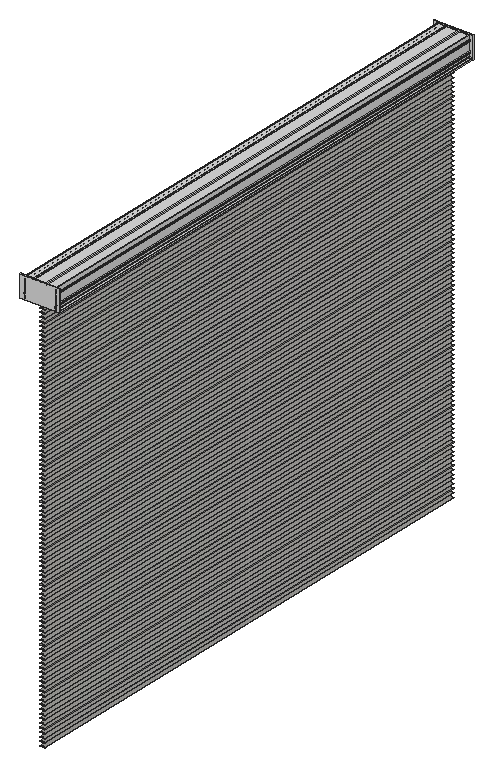
Revit family "BTBV151カーテン・ブラインド（別途）", category 一般モデル, Revit 2022
Family settings
  鉄筋をホスト可能 = いいえ
  丸型コネクタ寸法 = 直径を使用
  パーツ タイプ = 標準
  作業面ベース = はい
  常に垂直 = はい
  ロード時にボイドで切り取り = いいえ
  注釈の向きを維持 = いいえ
  共有 = いいえ
  部屋計算ポイント = いいえ
Parameters
  説明 = "㈱ツヅキ ボックストップ"
  製造元 = "㈱ツヅキ"
  色 = アルミニウム 6063S-T5 シルバー(R) (株)ツヅキ BT
  Default Elevation = 1219.2 mm
  ベネシャンブラインド表示/非表示 = yes
  ベネシャンブラインドスラット角度 = 0.00°
  バーチカルブラインド表示/非表示 = no
  カーテン開口率 = 50
  カーテン表示/非表示 = no
  カーテン・ブラインド長さ = L寸法 - 30 mm  # 2470 mm
  ブラインド スラット角度 = 15.00°
  カーテン・ブラインド高さ = 2000 mm
  カーテン・ブラインド 色 = ファブリック
  URL = "https://tuzuki.co.jp/cad/boxtop-cad/"
  L寸法 = 2500 mm
Reference planes
  plane 1 "中心(正面/背面)": y = 0
  plane 2: z = 0
  plane 3 "中心(左/右)": x = 0
  plane 4: y = -2500
  plane 5: x = -60
  plane 6: x = 60
  plane 7: y = -2502
  plane 8: y = 2
  plane 9: y = -2450
  plane 10 "カーテン取付レベル": z = 63.6
  plane 11: z = -1936.4
  plane 12: y = -2485
Forms (mm)
  Extrusion 1, solid, material "アルミニウム 6063S-T5 シルバー(R) (株)ツヅキ BT" <- "色"
    sketch origin (0, 0, 0) x (1, 0, 0) y (0, 0, 1)
      loop
        line (-95, 0) -> (95, 0) -> (95, 104.8) -> (-95, 104.8) -> (-95, 0)
    from 0 to -2
  Extrusion 2, solid, material "アルミニウム 6063S-T5 シルバー(R) (株)ツヅキ BT" <- "色"
    sketch origin (0, -1013.199, 0) x (1, 0, 0) y (0, 0, 1)
      loop
        line (-95, 0) -> (95, 0) -> (95, 104.8) -> (-95, 104.8) -> (-95, 0)
    from 1488.801 to 1486.801
  Extrusion 3, solid, material "アルミニウム 6063S-T5 シルバー(R) (株)ツヅキ BT" <- "色"
    sketch origin (0, 0, 0) x (1, 0, 0) y (0, 0, 1)
      loop
        line (-84.8, 77.529) -> (-84.8, 78.7) -> (-81.498, 78.7) -> (-81, 78.051)
        arc (-81, 78.051) -> (-80.774, 77.731) -> (-80.396, 77.836) r 0.34
        arc (-80.396, 77.836) -> (-78.977, 78.5) -> (-77.575, 77.8) r 1.8
        line (-77.575, 77.8) -> (-76.6, 77.8) -> (-76.6, 75.6) -> (-77.575, 75.6)
        arc (-77.575, 75.6) -> (-78.977, 74.9) -> (-80.396, 75.564) r 1.8
        arc (-80.396, 75.564) -> (-80.774, 75.669) -> (-81, 75.349) r 0.34
        line (-81, 75.349) -> (-81, 74.202)
        arc (-81, 74.202) -> (-79.217, 73.507) -> (-77.357, 73.954) r 3.2
        arc (-77.357, 73.954) -> (-76.853, 73.96) -> (-76.6, 73.525) r 0.5
        line (-76.6, 73.525) -> (-76.6, 26.175)
        arc (-76.6, 26.175) -> (-76.853, 25.74) -> (-77.357, 25.746) r 0.5
        arc (-77.357, 25.746) -> (-78.196, 26.097) -> (-79.1, 26.198) r 3.2
        arc (-79.1, 26.198) -> (-79.459, 26.334) -> (-79.616, 26.684) r 0.5
        line (-79.616, 26.684) -> (-79.8, 33) -> (-81, 33) -> (-81, 24.351)
        arc (-81, 24.351) -> (-80.774, 24.031) -> (-80.396, 24.136) r 0.34
        arc (-80.396, 24.136) -> (-78.977, 24.8) -> (-77.575, 24.1) r 1.8
        line (-77.575, 24.1) -> (-76.6, 24.1) -> (-76.6, 21.9) -> (-77.575, 21.9)
        arc (-77.575, 21.9) -> (-78.977, 21.2) -> (-80.396, 21.864) r 1.8
        arc (-80.396, 21.864) -> (-80.774, 21.969) -> (-81, 21.649) r 0.34
        line (-81, 21.649) -> (-81, 20.502)
        arc (-81, 20.502) -> (-79.115, 19.802) -> (-77.184, 20.365) r 3.2
        arc (-77.184, 20.365) -> (-76.668, 20.396) -> (-76.4, 19.954) r 0.5
        line (-76.4, 19.954) -> (-76.4, 5) -> (-77.5, 5)
        arc (-77.5, 5) -> (-77.887, 4.816) -> (-77.99, 4.4) r 0.5
        arc (-77.99, 4.4) -> (-77.887, 3.984) -> (-77.5, 3.8) r 0.5
        line (-77.5, 3.8) -> (-76.4, 3.8) -> (-76.4, 1.4) -> (-93.7, 1.4) -> (-93.7, 3.8) -> (-92.5, 3.8)
        arc (-92.5, 3.8) -> (-92.113, 3.984) -> (-92.01, 4.4) r 0.5
        arc (-92.01, 4.4) -> (-92.113, 4.816) -> (-92.5, 5) r 0.5
        line (-92.5, 5) -> (-95, 5) -> (-95, 0) -> (-85.743, 0) -> (-75, 0) -> (-75, 20.4) -> (-74.197, 20.4) -> (-72.4, 18.603) -> (-72.4, 15.6) -> (-73.334, 15.6) -> (-71.2, 13.741) -> (-71.2, 19.1) -> (-73.7, 21.6) -> (-75, 21.6) -> (-75, 96.3)
        arc (-75, 96.3) -> (-74.414, 97.714) -> (-73, 98.3) r 2
        line (-73, 98.3) -> (73, 98.3)
        arc (73, 98.3) -> (74.414, 97.714) -> (75, 96.3) r 2
        line (75, 96.3) -> (75, 21.6) -> (73.7, 21.6) -> (71.2, 19.1) -> (71.2, 13.741) -> (73.334, 15.6) -> (72.4, 15.6) -> (72.4, 18.603) -> (74.197, 20.4) -> (75, 20.4) -> (75, 0) -> (85.366, 0) -> (95, 0) -> (95, 5) -> (92.5, 5)
        arc (92.5, 5) -> (92.113, 4.816) -> (92.01, 4.4) r 0.5
        arc (92.01, 4.4) -> (92.113, 3.984) -> (92.5, 3.8) r 0.5
        line (92.5, 3.8) -> (93.7, 3.8) -> (93.7, 1.4) -> (76.4, 1.4) -> (76.4, 3.8) -> (77.5, 3.8)
        arc (77.5, 3.8) -> (77.887, 3.984) -> (77.99, 4.4) r 0.5
        arc (77.99, 4.4) -> (77.887, 4.816) -> (77.5, 5) r 0.5
        line (77.5, 5) -> (76.4, 5) -> (76.4, 19.954)
        arc (76.4, 19.954) -> (76.668, 20.396) -> (77.184, 20.365) r 0.5
        line (77.184, 20.365) -> (78.149, 19.7) -> (81, 19.7) -> (81, 21.649)
        arc (81, 21.649) -> (80.774, 21.969) -> (80.396, 21.864) r 0.34
        arc (80.396, 21.864) -> (78.977, 21.2) -> (77.575, 21.9) r 1.8
        line (77.575, 21.9) -> (76.6, 21.9) -> (76.6, 24.1) -> (77.575, 24.1)
        arc (77.575, 24.1) -> (78.977, 24.8) -> (80.396, 24.136) r 1.8
        arc (80.396, 24.136) -> (80.774, 24.031) -> (81, 24.351) r 0.34
        line (81, 24.351) -> (81, 33) -> (79.8, 33) -> (79.616, 26.684)
        arc (79.616, 26.684) -> (79.459, 26.334) -> (79.1, 26.198) r 0.5
        arc (79.1, 26.198) -> (78.196, 26.097) -> (77.357, 25.746) r 3.2
        arc (77.357, 25.746) -> (76.853, 25.74) -> (76.6, 26.175) r 0.5
        line (76.6, 26.175) -> (76.6, 73.525)
        arc (76.6, 73.525) -> (76.853, 73.96) -> (77.357, 73.954) r 0.5
        arc (77.357, 73.954) -> (79.217, 73.507) -> (81, 74.202) r 3.2
        line (81, 74.202) -> (81, 75.349)
        arc (81, 75.349) -> (80.774, 75.669) -> (80.396, 75.564) r 0.34
        arc (80.396, 75.564) -> (78.977, 74.9) -> (77.575, 75.6) r 1.8
        line (77.575, 75.6) -> (76.6, 75.6) -> (76.6, 77.8) -> (77.575, 77.8)
        arc (77.575, 77.8) -> (78.977, 78.5) -> (80.396, 77.836) r 1.8
        arc (80.396, 77.836) -> (80.774, 77.731) -> (81, 78.051) r 0.34
        line (81, 78.051) -> (81, 79.198)
        arc (81, 79.198) -> (79.217, 79.893) -> (77.357, 79.446) r 3.2
        arc (77.357, 79.446) -> (76.853, 79.44) -> (76.6, 79.875) r 0.5
        line (76.6, 79.875) -> (76.6, 98)
        arc (76.6, 98) -> (76.014, 99.414) -> (74.6, 100) r 2
        line (74.6, 100) -> (33, 100) -> (33, 104.8) -> (27, 104.8) -> (27, 103.5) -> (31.7, 103.5) -> (31.7, 100) -> (-31.7, 100) -> (-31.7, 103.5) -> (-27, 103.5) -> (-27, 104.8) -> (-33, 104.8) -> (-33, 100) -> (-74.6, 100)
        arc (-74.6, 100) -> (-76.014, 99.414) -> (-76.6, 98) r 2
        line (-76.6, 98) -> (-76.6, 79.875)
        arc (-76.6, 79.875) -> (-76.853, 79.44) -> (-77.357, 79.446) r 0.5
        arc (-77.357, 79.446) -> (-78.148, 79.784) -> (-79, 79.9) r 3.2
        line (-79, 79.9) -> (-86.4, 79.9)
        arc (-86.4, 79.9) -> (-86.975, 79.472) -> (-86.73, 78.799) r 0.6
        line (-86.73, 78.799) -> (-84.8, 77.529)
    from 0 to 2500
Dimensions and locks
  equal spacing: plane 6, plane 3 "中心(左/右)", plane 5
  plane 6 to plane 5 = 120 mm
  "L寸法": plane 4 to plane 1 "中心(正面/背面)"  (x2)
  locked: plane 4 to plane 7 at 2
  locked: plane 1 "中心(正面/背面)" to plane 8 at 2
  locked: plane 4 to plane 9 at 50
  "カーテン・ブラインド高さ": plane 10 "カーテン取付レベル" to plane 11
  locked: plane 4 to plane 12 at 15
  aligned and locked: level to plane 2
  aligned and locked: Extrusion 2 to plane 4
  aligned and locked: plane 1 "中心(正面/背面)" to Extrusion 1
  aligned and locked: plane 8 to Extrusion 1
  aligned and locked: plane 7 to Extrusion 2
  aligned and locked: nested 1 to plane 3 "中心(左/右)"
  aligned and locked: plane 10 "カーテン取付レベル" to nested 1
  aligned and locked: nested 1 to plane 9
  aligned and locked: plane 12 to nested 2
  aligned and locked: plane 10 "カーテン取付レベル" to nested 2
  aligned and locked: plane 11 to nested 2
  aligned and locked: nested 2 to plane 3 "中心(左/右)"
  aligned and locked: plane 10 "カーテン取付レベル" to nested 3
  aligned and locked: nested 3 to plane 12
  aligned and locked: Extrusion 3 to plane 1 "中心(正面/背面)"
  aligned and locked: plane 4 to Extrusion 3
Automatic sketch dimensions
  Extrusion 1 sketch curve to level = 0 mm
  Extrusion 1 sketch curve to plane 5 = 35 mm
  plane 6 to Extrusion 1 sketch curve = 35 mm
  level to Extrusion 1 sketch curve = 104.8 mm
  Extrusion 2 sketch curve to level = 0 mm
  Extrusion 2 sketch curve to plane 5 = 35 mm
  plane 6 to Extrusion 2 sketch curve = 35 mm
  level to Extrusion 2 sketch curve = 104.8 mm
  Extrusion 3 sketch curve to Extrusion 3 sketch curve = 0 mm  (x34)
  Extrusion 3 sketch curve to level = 0 mm  (x2)
  Extrusion 3 sketch curve to plane 5 = 35 mm
  Extrusion 3 sketch curve to Extrusion 3 sketch curve = 1.3 mm  (x6)
  Extrusion 3 sketch curve to Extrusion 3 sketch curve = 1.2 mm  (x9)
  plane 10 "カーテン取付レベル" to Extrusion 3 sketch curve = 15.199 mm
  Extrusion 3 sketch curve to plane 5 = 26.73 mm
  Extrusion 3 sketch curve to Extrusion 3 sketch curve = 0.33 mm
  Extrusion 3 sketch curve to Extrusion 3 sketch curve = 6.757 mm
  Extrusion 3 sketch curve to Extrusion 3 sketch curve = 1.6 mm  (x2)
  Extrusion 3 sketch curve to Extrusion 3 sketch curve = 3.302 mm
  Extrusion 3 sketch curve to Extrusion 3 sketch curve = 11.5 mm
  Extrusion 3 sketch curve to Extrusion 3 sketch curve = 0.498 mm  (x2)
  Extrusion 3 sketch curve to Extrusion 3 sketch curve = 0.34 mm  (x7)
  Extrusion 3 sketch curve to Extrusion 3 sketch curve = 1.044 mm
  Extrusion 3 sketch curve to Extrusion 3 sketch curve = 0.5 mm  (x15)
  Extrusion 3 sketch curve to Extrusion 3 sketch curve = 1.66 mm  (x6)
  Extrusion 3 sketch curve to Extrusion 3 sketch curve = 1.425 mm  (x6)
  Extrusion 3 sketch curve to Extrusion 3 sketch curve = 8.243 mm
  Extrusion 3 sketch curve to Extrusion 3 sketch curve = 0.475 mm
  Extrusion 3 sketch curve to Extrusion 3 sketch curve = 2.016 mm  (x2)
  Extrusion 3 sketch curve to Extrusion 3 sketch curve = 1.9 mm
  Extrusion 3 sketch curve to Extrusion 3 sketch curve = 0.675 mm
  Extrusion 3 sketch curve to Extrusion 3 sketch curve = 0.975 mm  (x6)
  Extrusion 3 sketch curve to Extrusion 3 sketch curve = 1.1 mm  (x7)
  Extrusion 3 sketch curve to Extrusion 3 sketch curve = 1.4 mm  (x2)
  Extrusion 3 sketch curve to Extrusion 3 sketch curve = 0.4 mm  (x2)
  Extrusion 3 sketch curve to Extrusion 3 sketch curve = 0.803 mm  (x2)
  Extrusion 3 sketch curve to Extrusion 3 sketch curve = 0.497 mm  (x4)
  Extrusion 3 sketch curve to Extrusion 3 sketch curve = 0.863 mm
  Extrusion 3 sketch curve to Extrusion 3 sketch curve = 2 mm  (x2)
  Extrusion 3 sketch curve to Extrusion 3 sketch curve = 0.934 mm  (x2)
  plane 5 to Extrusion 3 sketch curve = 27 mm
  Extrusion 3 sketch curve to Extrusion 3 sketch curve = 4.7 mm  (x2)
  plane 3 "中心(左/右)" to Extrusion 3 sketch curve = 27 mm
  plane 6 to Extrusion 3 sketch curve = 12.4 mm
  plane 6 to Extrusion 3 sketch curve = 13 mm
  Extrusion 3 sketch curve to Extrusion 3 sketch curve = 1.797 mm
  plane 6 to Extrusion 3 sketch curve = 16.6 mm
  Extrusion 3 sketch curve to Extrusion 3 sketch curve = 0.184 mm
  level to Extrusion 3 sketch curve = 3.8 mm
  level to Extrusion 3 sketch curve = 1.4 mm  (x2)
  Extrusion 3 sketch curve to Extrusion 3 sketch curve = 2.4 mm  (x3)
  Extrusion 3 sketch curve to Extrusion 3 sketch curve = 0.2 mm  (x4)
  Extrusion 3 sketch curve to Extrusion 3 sketch curve = 8.741 mm
  Extrusion 3 sketch curve to Extrusion 3 sketch curve = 10.6 mm
  Extrusion 3 sketch curve to Extrusion 3 sketch curve = 1.859 mm  (x2)
  Extrusion 3 sketch curve to Extrusion 3 sketch curve = 3.003 mm  (x2)
  Extrusion 3 sketch curve to Extrusion 3 sketch curve = 4.1 mm
  Extrusion 3 sketch curve to Extrusion 3 sketch curve = 1.351 mm  (x5)
  Extrusion 3 sketch curve to Extrusion 3 sketch curve = 0.254 mm
  Extrusion 3 sketch curve to Extrusion 3 sketch curve = 0.446 mm  (x2)
  Extrusion 3 sketch curve to Extrusion 3 sketch curve = 0.548 mm
  Extrusion 3 sketch curve to Extrusion 3 sketch curve = 1.949 mm
  Extrusion 3 sketch curve to Extrusion 3 sketch curve = 1.147 mm  (x4)
  Extrusion 3 sketch curve to Extrusion 3 sketch curve = 0.3 mm  (x2)
  Extrusion 3 sketch curve to Extrusion 3 sketch curve = 2.2 mm  (x3)
  Extrusion 3 sketch curve to Extrusion 3 sketch curve = 2.075 mm  (x5)
  Extrusion 3 sketch curve to Extrusion 3 sketch curve = 0.938 mm  (x2)
  Extrusion 3 sketch curve to Extrusion 3 sketch curve = 0.015 mm  (x2)
  Extrusion 3 sketch curve to Extrusion 3 sketch curve = 6.316 mm  (x2)
  plane 10 "カーテン取付レベル" to Extrusion 3 sketch curve = 9.925 mm  (x2)
  Extrusion 3 sketch curve to Extrusion 3 sketch curve = 0.677 mm  (x2)
  Extrusion 3 sketch curve to Extrusion 3 sketch curve = 1.27 mm
  Extrusion 3 sketch curve to Extrusion 3 sketch curve = 0.649 mm
  Extrusion 3 sketch curve to Extrusion 3 sketch curve = 0.501 mm
  Extrusion 3 sketch curve to Extrusion 3 sketch curve = 0.025 mm
  Extrusion 3 sketch curve to Extrusion 3 sketch curve = 16.425 mm
  Extrusion 3 sketch curve to Extrusion 3 sketch curve = 1.7 mm  (x2)
  Extrusion 3 sketch curve to Extrusion 3 sketch curve = 3.5 mm  (x2)
  Extrusion 3 sketch curve to Extrusion 3 sketch curve = 0.284 mm
  Extrusion 3 sketch curve to Extrusion 3 sketch curve = 0.965 mm
  Extrusion 3 sketch curve to Extrusion 3 sketch curve = 7.376 mm
  Extrusion 3 sketch curve to Extrusion 3 sketch curve = 0.49 mm
  Extrusion 3 sketch curve to Extrusion 3 sketch curve = 6.644 mm
Nested families
  nested 1: "バーチカルブラインド（別途）" at (0, -2450, 63.6) x (-1, 0, 0) z (0, 0, -1), type "バーチカルブラインド（別途）"
    with 表示・非表示 no, ブラインド長さ 2470 mm, スラット枚数 25
  nested 2: "カーテン（別途）" at (0, -2485, 63.6) x (0, 1, 0) z (0, 0, 1), type "カーテン（別途）"
    with 開口率 調整 50, 開口率 50, 長さ 2470 mm, カーテン表示 no, カーテン畳み代 1235 mm, カーテン幅 100 mm
  nested 3: "ベネシャンブラインド（別途）" at (0, -15, 63.6) x (-1, 0, 0) z (0, 0, 1), visible <- "ベネシャンブラインド表示/非表示", type "ベネシャンブラインド（別途）"
    with ブラインド長さ 2470 mm, スラット角度 0.00°
Definition of nested family "ベネシャンブラインド（別途）"
  Parameters (values of type "ベネシャンブラインド（別途）")
    スラットピッチ = 20 mm
    表示非表示 = yes
    ブラインド高さ = 2000 mm
    ブラインド長さ = 1200 mm
    スラット角度 = 60.00°
    Default Elevation = 0 mm
    スラット色 = none
    スラット枚数 = (ブラインド高さ - 50 mm) / スラットピッチ  # 98
  Reference planes
    plane 1 "中心(正面/背面)": y = 0
    plane 2: z = 0
    plane 3 "中心(左/右)": x = 0
    plane 4: y = 1200
    plane 5: z = -44.577
    plane 6: z = -64.577
    plane 7: z = -84.577
    plane 8: z = -104.577
    plane 9: z = -124.577
    plane 10: z = -144.577
    plane 11: z = -164.577
    plane 12: z = -184.577
    plane 13: z = -204.577
    plane 14: z = -224.577
    plane 15: z = -244.577
    plane 16: z = -264.577
    plane 17: z = -284.577
    plane 18: z = -304.577
    plane 19: z = -324.577
    plane 20: z = -344.577
    plane 21: z = -364.577
    plane 22: z = -384.577
    plane 23: z = -404.577
    plane 24: z = -424.577
    plane 25: z = -444.577
    plane 26: z = -464.577
    plane 27: z = -484.577
    plane 28: z = -504.577
    plane 29: z = -524.577
    plane 30: z = -544.577
    plane 31: z = -564.577
    plane 32: z = -584.577
    plane 33: z = -604.577
    plane 34: z = -624.577
    plane 35: z = -644.577
    plane 36: z = -664.577
    plane 37: z = -684.577
    plane 38: z = -704.577
    plane 39: z = -724.577
    plane 40: z = -744.577
    plane 41: z = -764.577
    plane 42: z = -784.577
    plane 43: z = -804.577
    plane 44: z = -824.577
    plane 45: z = -844.577
    plane 46: z = -864.577
    plane 47: z = -884.577
    plane 48: z = -904.577
    plane 49: z = -924.577
    plane 50: z = -944.577
    plane 51: z = -964.577
    plane 52: z = -984.577
    plane 53: z = -1004.577
    plane 54: z = -1024.577
    plane 55: z = -1044.577
    plane 56: z = -1064.577
    plane 57: z = -1084.577
    plane 58: z = -1104.577
    plane 59: z = -1124.577
    plane 60: z = -1144.577
    plane 61: z = -1164.577
    plane 62: z = -1184.577
    plane 63: z = -1204.577
    plane 64: z = -1224.577
    plane 65: z = -1244.577
    plane 66: z = -1264.577
    plane 67: z = -1284.577
    plane 68: z = -1304.577
    plane 69: z = -1324.577
    plane 70: z = -1344.577
    plane 71: z = -1364.577
    plane 72: z = -1384.577
    plane 73: z = -1404.577
    plane 74: z = -1424.577
    plane 75: z = -1444.577
    plane 76: z = -1464.577
    plane 77: z = -1484.577
    plane 78: z = -1504.577
    plane 79: z = -1524.577
    plane 80: z = -1544.577
    plane 81: z = -1564.577
    plane 82: z = -1584.577
    plane 83: z = -1604.577
    plane 84: z = -1624.577
    plane 85: z = -1644.577
    plane 86: z = -1664.577
    plane 87: z = -1684.577
    plane 88: z = -1704.577
    plane 89: z = -1724.577
    plane 90: z = -1744.577
    plane 91: z = -1764.577
    plane 92: z = -1784.577
    plane 93: z = -1804.577
    plane 94: z = -1824.577
    plane 95: z = -1844.577
    plane 96: z = -1864.577
    plane 97: z = -1884.577
    plane 98: z = -1904.577
    plane 99: z = -1924.577
    plane 100: z = -1944.577
    plane 101: z = -1964.577
    plane 102: z = -1984.577
  Forms (mm)
    Extrusion 1, solid, material <- "スラット色", visible <- "表示非表示"
      sketch origin (0, 0, 0) x (1, 0, 0) y (0, 0, 1)
        loop
          line (-27, 0) -> (-27, -37) -> (27, -37) -> (27, 0) -> (-27, 0)
      from -1200 to 0
  Dimensions and locks
    equal spacing: group 1, group 2, group 3, group 4, group 5, group 6, group 7, group 8, group 9, group 10, group 11, group 12, group 13, group 14, group 15, group 16, group 17, group 18, group 19, group 20, group 21, group 22, group 23, group 24, group 25, group 26, group 27, group 28, group 29, group 30, group 31, group 32, group 33, group 34, group 35, group 36, group 37, group 38, group 39, group 40, group 41, group 42, group 43, group 44, group 45, group 46, group 47, group 48, group 49, group 50, group 51, group 52, group 53, group 54, group 55, group 56, group 57, group 58, group 59, group 60, group 61, group 62, group 63, group 64, group 65, group 66, group 67, group 68, group 69, group 70, group 71, group 72, group 73, group 74, group 75, group 76, group 77, group 78, group 79, group 80, group 81, group 82, group 83, group 84, group 85, group 86, group 87, group 88, group 89, group 90, group 91, group 92, group 93, group 94, group 95, group 96, group 97, group 98  (x2)
    equal spacing: group 98, group 97, group 96, group 95, group 94, group 93, group 92, group 91, group 90, group 89, group 88, group 87, group 86, group 85, group 84, group 83, group 82, group 81, group 80, group 79, group 78, group 77, group 76, group 75, group 74, group 73, group 72, group 71, group 70, group 69, group 68, group 67, group 66, group 65, group 64, group 63, group 62, group 61, group 60, group 59, group 58, group 57, group 56, group 55, group 54, group 53, group 52, group 51, group 50, group 49, group 48, group 47, group 46, group 45, group 44, group 43, group 42, group 41, group 40, group 39, group 38, group 37, group 36, group 35, group 34, group 33, group 32, group 31, group 30, group 29, group 28, group 27, group 26, group 25, group 24, group 23, group 22, group 21, group 20, group 19, group 18, group 17, group 16, group 15, group 14, group 13, group 12, group 11, group 10, group 9, group 8, group 7, group 6, group 5, group 4, group 3, group 2, group 1
    "ブラインド長さ": plane 1 "中心(正面/背面)" to plane 4
    "スラットピッチ": plane 5 to plane 6
    aligned and locked: level to plane 2
    aligned and locked: nested 1 to plane 4
    aligned and locked: nested 1 to Extrusion 1
    aligned and locked: plane 1 "中心(正面/背面)" to Extrusion 1
    aligned and locked: Extrusion 1 to plane 1 "中心(正面/背面)"
    aligned and locked: Extrusion 1 to plane 4
    aligned and locked: nested 1 to plane 5
    aligned and locked: nested 2 to plane 6
    aligned and locked: nested 3 to plane 7
    aligned and locked: nested 4 to plane 8
    aligned and locked: nested 5 to plane 9
    aligned and locked: nested 6 to plane 10
    aligned and locked: nested 7 to plane 11
    aligned and locked: nested 8 to plane 12
    aligned and locked: nested 9 to plane 13
    aligned and locked: nested 10 to plane 14
    aligned and locked: nested 11 to plane 15
    aligned and locked: nested 12 to plane 16
    aligned and locked: nested 13 to plane 17
    aligned and locked: nested 14 to plane 18
    aligned and locked: nested 15 to plane 19
    aligned and locked: nested 16 to plane 20
    aligned and locked: nested 17 to plane 21
    aligned and locked: nested 18 to plane 22
    aligned and locked: nested 19 to plane 23
    aligned and locked: nested 20 to plane 24
    aligned and locked: nested 21 to plane 25
    aligned and locked: nested 22 to plane 26
    aligned and locked: nested 23 to plane 27
    aligned and locked: nested 24 to plane 28
    aligned and locked: nested 25 to plane 29
    aligned and locked: nested 26 to plane 30
    aligned and locked: nested 27 to plane 31
    aligned and locked: nested 28 to plane 32
    aligned and locked: nested 29 to plane 33
    aligned and locked: nested 30 to plane 34
    aligned and locked: nested 31 to plane 35
    aligned and locked: nested 32 to plane 36
    aligned and locked: nested 33 to plane 37
    aligned and locked: nested 34 to plane 38
    aligned and locked: nested 35 to plane 39
    aligned and locked: nested 36 to plane 40
    aligned and locked: nested 37 to plane 41
    aligned and locked: nested 38 to plane 42
    aligned and locked: nested 39 to plane 43
    aligned and locked: nested 40 to plane 44
    aligned and locked: nested 41 to plane 45
    aligned and locked: nested 42 to plane 46
    aligned and locked: nested 43 to plane 47
    aligned and locked: nested 44 to plane 48
    aligned and locked: nested 45 to plane 49
    aligned and locked: nested 46 to plane 50
    aligned and locked: nested 47 to plane 51
    aligned and locked: nested 48 to plane 52
    aligned and locked: nested 49 to plane 53
    aligned and locked: nested 50 to plane 54
    aligned and locked: nested 51 to plane 55
    aligned and locked: nested 52 to plane 56
    aligned and locked: nested 53 to plane 57
    aligned and locked: nested 54 to plane 58
    aligned and locked: nested 55 to plane 59
    aligned and locked: nested 56 to plane 60
    aligned and locked: nested 57 to plane 61
    aligned and locked: nested 58 to plane 62
    aligned and locked: nested 59 to plane 63
    aligned and locked: nested 60 to plane 64
    aligned and locked: nested 61 to plane 65
    aligned and locked: nested 62 to plane 66
    aligned and locked: nested 63 to plane 67
    aligned and locked: nested 64 to plane 68
    aligned and locked: nested 65 to plane 69
    aligned and locked: nested 66 to plane 70
    aligned and locked: nested 67 to plane 71
    aligned and locked: nested 68 to plane 72
    aligned and locked: nested 69 to plane 73
    aligned and locked: nested 70 to plane 74
    aligned and locked: nested 71 to plane 75
    aligned and locked: nested 72 to plane 76
    aligned and locked: nested 73 to plane 77
    aligned and locked: nested 74 to plane 78
    aligned and locked: nested 75 to plane 79
    aligned and locked: nested 76 to plane 80
    aligned and locked: nested 77 to plane 81
    aligned and locked: nested 78 to plane 82
    aligned and locked: nested 79 to plane 83
    aligned and locked: nested 80 to plane 84
    aligned and locked: nested 81 to plane 85
    aligned and locked: nested 82 to plane 86
    aligned and locked: nested 83 to plane 87
    aligned and locked: nested 84 to plane 88
    aligned and locked: nested 85 to plane 89
    aligned and locked: nested 86 to plane 90
    aligned and locked: nested 87 to plane 91
    aligned and locked: nested 88 to plane 92
    aligned and locked: nested 89 to plane 93
    aligned and locked: nested 90 to plane 94
    aligned and locked: nested 91 to plane 95
    aligned and locked: nested 92 to plane 96
    aligned and locked: nested 93 to plane 97
    aligned and locked: nested 94 to plane 98
    aligned and locked: nested 95 to plane 99
    aligned and locked: nested 96 to plane 100
    aligned and locked: nested 97 to plane 101
    aligned and locked: nested 98 to plane 102
  Automatic sketch dimensions
    Extrusion 1 sketch curve to level = 0 mm
    Extrusion 1 sketch curve to plane 3 "中心(左/右)" = 27 mm
    plane 3 "中心(左/右)" to Extrusion 1 sketch curve = 27 mm
    Extrusion 1 sketch curve to level = 37 mm
  Nested families
    nested 1: "スラットB" at (0, 0, -55.414), visible <- "表示非表示", type "スラットB"
      with 角度 60.00°, スラット長さ 1200 mm
    nested 2: "スラットB" at (0, 0, -75.414), visible <- "表示非表示", type "スラットB"
      with 角度 60.00°, スラット長さ 1200 mm
    nested 3: "スラットB" at (0, 0, -95.414), visible <- "表示非表示", type "スラットB"
      with 角度 60.00°, スラット長さ 1200 mm
    nested 4: "スラットB" at (0, 0, -115.414), visible <- "表示非表示", type "スラットB"
      with 角度 60.00°, スラット長さ 1200 mm
    nested 5: "スラットB" at (0, 0, -135.414), visible <- "表示非表示", type "スラットB"
      with 角度 60.00°, スラット長さ 1200 mm
    nested 6: "スラットB" at (0, 0, -155.414), visible <- "表示非表示", type "スラットB"
      with 角度 60.00°, スラット長さ 1200 mm
    nested 7: "スラットB" at (0, 0, -175.414), visible <- "表示非表示", type "スラットB"
      with 角度 60.00°, スラット長さ 1200 mm
    nested 8: "スラットB" at (0, 0, -195.414), visible <- "表示非表示", type "スラットB"
      with 角度 60.00°, スラット長さ 1200 mm
    nested 9: "スラットB" at (0, 0, -215.414), visible <- "表示非表示", type "スラットB"
      with 角度 60.00°, スラット長さ 1200 mm
    nested 10: "スラットB" at (0, 0, -235.414), visible <- "表示非表示", type "スラットB"
      with 角度 60.00°, スラット長さ 1200 mm
    nested 11: "スラットB" at (0, 0, -255.414), visible <- "表示非表示", type "スラットB"
      with 角度 60.00°, スラット長さ 1200 mm
    nested 12: "スラットB" at (0, 0, -275.414), visible <- "表示非表示", type "スラットB"
      with 角度 60.00°, スラット長さ 1200 mm
    nested 13: "スラットB" at (0, 0, -295.414), visible <- "表示非表示", type "スラットB"
      with 角度 60.00°, スラット長さ 1200 mm
    nested 14: "スラットB" at (0, 0, -315.414), visible <- "表示非表示", type "スラットB"
      with 角度 60.00°, スラット長さ 1200 mm
    nested 15: "スラットB" at (0, 0, -335.414), visible <- "表示非表示", type "スラットB"
      with 角度 60.00°, スラット長さ 1200 mm
    nested 16: "スラットB" at (0, 0, -355.414), visible <- "表示非表示", type "スラットB"
      with 角度 60.00°, スラット長さ 1200 mm
    nested 17: "スラットB" at (0, 0, -375.414), visible <- "表示非表示", type "スラットB"
      with 角度 60.00°, スラット長さ 1200 mm
    nested 18: "スラットB" at (0, 0, -395.414), visible <- "表示非表示", type "スラットB"
      with 角度 60.00°, スラット長さ 1200 mm
    nested 19: "スラットB" at (0, 0, -415.414), visible <- "表示非表示", type "スラットB"
      with 角度 60.00°, スラット長さ 1200 mm
    nested 20: "スラットB" at (0, 0, -435.414), visible <- "表示非表示", type "スラットB"
      with 角度 60.00°, スラット長さ 1200 mm
    nested 21: "スラットB" at (0, 0, -455.414), visible <- "表示非表示", type "スラットB"
      with 角度 60.00°, スラット長さ 1200 mm
    nested 22: "スラットB" at (0, 0, -475.414), visible <- "表示非表示", type "スラットB"
      with 角度 60.00°, スラット長さ 1200 mm
    nested 23: "スラットB" at (0, 0, -495.414), visible <- "表示非表示", type "スラットB"
      with 角度 60.00°, スラット長さ 1200 mm
    nested 24: "スラットB" at (0, 0, -515.414), visible <- "表示非表示", type "スラットB"
      with 角度 60.00°, スラット長さ 1200 mm
    nested 25: "スラットB" at (0, 0, -535.414), visible <- "表示非表示", type "スラットB"
      with 角度 60.00°, スラット長さ 1200 mm
    nested 26: "スラットB" at (0, 0, -555.414), visible <- "表示非表示", type "スラットB"
      with 角度 60.00°, スラット長さ 1200 mm
    nested 27: "スラットB" at (0, 0, -575.414), visible <- "表示非表示", type "スラットB"
      with 角度 60.00°, スラット長さ 1200 mm
    nested 28: "スラットB" at (0, 0, -595.414), visible <- "表示非表示", type "スラットB"
      with 角度 60.00°, スラット長さ 1200 mm
    nested 29: "スラットB" at (0, 0, -615.414), visible <- "表示非表示", type "スラットB"
      with 角度 60.00°, スラット長さ 1200 mm
    nested 30: "スラットB" at (0, 0, -635.414), visible <- "表示非表示", type "スラットB"
      with 角度 60.00°, スラット長さ 1200 mm
    nested 31: "スラットB" at (0, 0, -655.414), visible <- "表示非表示", type "スラットB"
      with 角度 60.00°, スラット長さ 1200 mm
    nested 32: "スラットB" at (0, 0, -675.414), visible <- "表示非表示", type "スラットB"
      with 角度 60.00°, スラット長さ 1200 mm
    nested 33: "スラットB" at (0, 0, -695.414), visible <- "表示非表示", type "スラットB"
      with 角度 60.00°, スラット長さ 1200 mm
    nested 34: "スラットB" at (0, 0, -715.414), visible <- "表示非表示", type "スラットB"
      with 角度 60.00°, スラット長さ 1200 mm
    nested 35: "スラットB" at (0, 0, -735.414), visible <- "表示非表示", type "スラットB"
      with 角度 60.00°, スラット長さ 1200 mm
    nested 36: "スラットB" at (0, 0, -755.414), visible <- "表示非表示", type "スラットB"
      with 角度 60.00°, スラット長さ 1200 mm
    nested 37: "スラットB" at (0, 0, -775.414), visible <- "表示非表示", type "スラットB"
      with 角度 60.00°, スラット長さ 1200 mm
    nested 38: "スラットB" at (0, 0, -795.414), visible <- "表示非表示", type "スラットB"
      with 角度 60.00°, スラット長さ 1200 mm
    nested 39: "スラットB" at (0, 0, -815.414), visible <- "表示非表示", type "スラットB"
      with 角度 60.00°, スラット長さ 1200 mm
    nested 40: "スラットB" at (0, 0, -835.414), visible <- "表示非表示", type "スラットB"
      with 角度 60.00°, スラット長さ 1200 mm
    nested 41: "スラットB" at (0, 0, -855.414), visible <- "表示非表示", type "スラットB"
      with 角度 60.00°, スラット長さ 1200 mm
    nested 42: "スラットB" at (0, 0, -875.414), visible <- "表示非表示", type "スラットB"
      with 角度 60.00°, スラット長さ 1200 mm
    nested 43: "スラットB" at (0, 0, -895.414), visible <- "表示非表示", type "スラットB"
      with 角度 60.00°, スラット長さ 1200 mm
    nested 44: "スラットB" at (0, 0, -915.414), visible <- "表示非表示", type "スラットB"
      with 角度 60.00°, スラット長さ 1200 mm
    nested 45: "スラットB" at (0, 0, -935.414), visible <- "表示非表示", type "スラットB"
      with 角度 60.00°, スラット長さ 1200 mm
    nested 46: "スラットB" at (0, 0, -955.414), visible <- "表示非表示", type "スラットB"
      with 角度 60.00°, スラット長さ 1200 mm
    nested 47: "スラットB" at (0, 0, -975.414), visible <- "表示非表示", type "スラットB"
      with 角度 60.00°, スラット長さ 1200 mm
    nested 48: "スラットB" at (0, 0, -995.414), visible <- "表示非表示", type "スラットB"
      with 角度 60.00°, スラット長さ 1200 mm
    nested 49: "スラットB" at (0, 0, -1015.414), visible <- "表示非表示", type "スラットB"
      with 角度 60.00°, スラット長さ 1200 mm
    nested 50: "スラットB" at (0, 0, -1035.414), visible <- "表示非表示", type "スラットB"
      with 角度 60.00°, スラット長さ 1200 mm
    nested 51: "スラットB" at (0, 0, -1055.414), visible <- "表示非表示", type "スラットB"
      with 角度 60.00°, スラット長さ 1200 mm
    nested 52: "スラットB" at (0, 0, -1075.414), visible <- "表示非表示", type "スラットB"
      with 角度 60.00°, スラット長さ 1200 mm
    nested 53: "スラットB" at (0, 0, -1095.414), visible <- "表示非表示", type "スラットB"
      with 角度 60.00°, スラット長さ 1200 mm
    nested 54: "スラットB" at (0, 0, -1115.414), visible <- "表示非表示", type "スラットB"
      with 角度 60.00°, スラット長さ 1200 mm
    nested 55: "スラットB" at (0, 0, -1135.414), visible <- "表示非表示", type "スラットB"
      with 角度 60.00°, スラット長さ 1200 mm
    nested 56: "スラットB" at (0, 0, -1155.414), visible <- "表示非表示", type "スラットB"
      with 角度 60.00°, スラット長さ 1200 mm
    nested 57: "スラットB" at (0, 0, -1175.414), visible <- "表示非表示", type "スラットB"
      with 角度 60.00°, スラット長さ 1200 mm
    nested 58: "スラットB" at (0, 0, -1195.414), visible <- "表示非表示", type "スラットB"
      with 角度 60.00°, スラット長さ 1200 mm
    nested 59: "スラットB" at (0, 0, -1215.414), visible <- "表示非表示", type "スラットB"
      with 角度 60.00°, スラット長さ 1200 mm
    nested 60: "スラットB" at (0, 0, -1235.414), visible <- "表示非表示", type "スラットB"
      with 角度 60.00°, スラット長さ 1200 mm
    nested 61: "スラットB" at (0, 0, -1255.414), visible <- "表示非表示", type "スラットB"
      with 角度 60.00°, スラット長さ 1200 mm
    nested 62: "スラットB" at (0, 0, -1275.414), visible <- "表示非表示", type "スラットB"
      with 角度 60.00°, スラット長さ 1200 mm
    nested 63: "スラットB" at (0, 0, -1295.414), visible <- "表示非表示", type "スラットB"
      with 角度 60.00°, スラット長さ 1200 mm
    nested 64: "スラットB" at (0, 0, -1315.414), visible <- "表示非表示", type "スラットB"
      with 角度 60.00°, スラット長さ 1200 mm
    nested 65: "スラットB" at (0, 0, -1335.414), visible <- "表示非表示", type "スラットB"
      with 角度 60.00°, スラット長さ 1200 mm
    nested 66: "スラットB" at (0, 0, -1355.414), visible <- "表示非表示", type "スラットB"
      with 角度 60.00°, スラット長さ 1200 mm
    nested 67: "スラットB" at (0, 0, -1375.414), visible <- "表示非表示", type "スラットB"
      with 角度 60.00°, スラット長さ 1200 mm
    nested 68: "スラットB" at (0, 0, -1395.414), visible <- "表示非表示", type "スラットB"
      with 角度 60.00°, スラット長さ 1200 mm
    nested 69: "スラットB" at (0, 0, -1415.414), visible <- "表示非表示", type "スラットB"
      with 角度 60.00°, スラット長さ 1200 mm
    nested 70: "スラットB" at (0, 0, -1435.414), visible <- "表示非表示", type "スラットB"
      with 角度 60.00°, スラット長さ 1200 mm
    nested 71: "スラットB" at (0, 0, -1455.414), visible <- "表示非表示", type "スラットB"
      with 角度 60.00°, スラット長さ 1200 mm
    nested 72: "スラットB" at (0, 0, -1475.414), visible <- "表示非表示", type "スラットB"
      with 角度 60.00°, スラット長さ 1200 mm
    nested 73: "スラットB" at (0, 0, -1495.414), visible <- "表示非表示", type "スラットB"
      with 角度 60.00°, スラット長さ 1200 mm
    nested 74: "スラットB" at (0, 0, -1515.414), visible <- "表示非表示", type "スラットB"
      with 角度 60.00°, スラット長さ 1200 mm
    nested 75: "スラットB" at (0, 0, -1535.414), visible <- "表示非表示", type "スラットB"
      with 角度 60.00°, スラット長さ 1200 mm
    nested 76: "スラットB" at (0, 0, -1555.414), visible <- "表示非表示", type "スラットB"
      with 角度 60.00°, スラット長さ 1200 mm
    nested 77: "スラットB" at (0, 0, -1575.414), visible <- "表示非表示", type "スラットB"
      with 角度 60.00°, スラット長さ 1200 mm
    nested 78: "スラットB" at (0, 0, -1595.414), visible <- "表示非表示", type "スラットB"
      with 角度 60.00°, スラット長さ 1200 mm
    nested 79: "スラットB" at (0, 0, -1615.414), visible <- "表示非表示", type "スラットB"
      with 角度 60.00°, スラット長さ 1200 mm
    nested 80: "スラットB" at (0, 0, -1635.414), visible <- "表示非表示", type "スラットB"
      with 角度 60.00°, スラット長さ 1200 mm
    nested 81: "スラットB" at (0, 0, -1655.414), visible <- "表示非表示", type "スラットB"
      with 角度 60.00°, スラット長さ 1200 mm
    nested 82: "スラットB" at (0, 0, -1675.414), visible <- "表示非表示", type "スラットB"
      with 角度 60.00°, スラット長さ 1200 mm
    nested 83: "スラットB" at (0, 0, -1695.414), visible <- "表示非表示", type "スラットB"
      with 角度 60.00°, スラット長さ 1200 mm
    nested 84: "スラットB" at (0, 0, -1715.414), visible <- "表示非表示", type "スラットB"
      with 角度 60.00°, スラット長さ 1200 mm
    nested 85: "スラットB" at (0, 0, -1735.414), visible <- "表示非表示", type "スラットB"
      with 角度 60.00°, スラット長さ 1200 mm
    nested 86: "スラットB" at (0, 0, -1755.414), visible <- "表示非表示", type "スラットB"
      with 角度 60.00°, スラット長さ 1200 mm
    nested 87: "スラットB" at (0, 0, -1775.414), visible <- "表示非表示", type "スラットB"
      with 角度 60.00°, スラット長さ 1200 mm
    nested 88: "スラットB" at (0, 0, -1795.414), visible <- "表示非表示", type "スラットB"
      with 角度 60.00°, スラット長さ 1200 mm
    nested 89: "スラットB" at (0, 0, -1815.414), visible <- "表示非表示", type "スラットB"
      with 角度 60.00°, スラット長さ 1200 mm
    nested 90: "スラットB" at (0, 0, -1835.414), visible <- "表示非表示", type "スラットB"
      with 角度 60.00°, スラット長さ 1200 mm
    nested 91: "スラットB" at (0, 0, -1855.414), visible <- "表示非表示", type "スラットB"
      with 角度 60.00°, スラット長さ 1200 mm
    nested 92: "スラットB" at (0, 0, -1875.414), visible <- "表示非表示", type "スラットB"
      with 角度 60.00°, スラット長さ 1200 mm
    nested 93: "スラットB" at (0, 0, -1895.414), visible <- "表示非表示", type "スラットB"
      with 角度 60.00°, スラット長さ 1200 mm
    nested 94: "スラットB" at (0, 0, -1915.414), visible <- "表示非表示", type "スラットB"
      with 角度 60.00°, スラット長さ 1200 mm
    nested 95: "スラットB" at (0, 0, -1935.414), visible <- "表示非表示", type "スラットB"
      with 角度 60.00°, スラット長さ 1200 mm
    nested 96: "スラットB" at (0, 0, -1955.414), visible <- "表示非表示", type "スラットB"
      with 角度 60.00°, スラット長さ 1200 mm
    nested 97: "スラットB" at (0, 0, -1975.414), visible <- "表示非表示", type "スラットB"
      with 角度 60.00°, スラット長さ 1200 mm
    nested 98: "スラットB" at (0, 0, -1995.414), visible <- "表示非表示", type "スラットB"
      with 角度 60.00°, スラット長さ 1200 mm
  Definition of nested family "スラットB"
    Parameters (values of type "スラットB")
      角度 = 30.00°
      Default Elevation = 0 mm
      スラット長さ = 1100 mm
      スラット色 = none
    Reference planes
      plane 1 "中心(正面/背面)": y = 0
      plane 2: z = 0
      plane 3 "中心(左/右)": x = 0
      plane 4: y = 1100
    Forms (mm)
      Extrusion 1, solid, material <- "スラット色"
        sketch origin (0, 0, 0) x (0.866025, 0, 0.5) y (-0.5, 0, 0.866025)
          loop
            arc (-12.244, -0.735) -> (0, 1.28) -> (12.244, -0.735) r 38.2
            line (12.244, -0.735) -> (12.5, 0.023)
            arc (12.5, 0.023) -> (0, 2.08) -> (-12.5, 0.023) r 39
            line (-12.5, 0.023) -> (-12.244, -0.735)
        from 0 to -1100
    Lines and regions (mm)
      reference lines
        curve 1: line (0, 0, 0) -> (84.675, 0, 48.887)
    Dimensions and locks
      "スラット長さ": plane 1 "中心(正面/背面)" to plane 4
      "角度": angle plane 2 to curve 1
      aligned and locked: level to plane 2
      aligned and locked: plane 3 "中心(左/右)" to curve 1
      aligned and locked: Extrusion 1 to plane 4
    Automatic sketch dimensions
      Extrusion 1 sketch curve to Extrusion 1 sketch curve = 0 mm  (x4)
      Extrusion 1 sketch curve to Extrusion 1 sketch curve = 0.256 mm  (x2)
      curve 1 to level = 0 mm
      Extrusion 1 sketch curve to Extrusion 1 sketch curve = 12.244 mm
      Extrusion 1 sketch curve to Extrusion 1 sketch curve = 24.487 mm
      Extrusion 1 sketch curve to Extrusion 1 sketch curve = 36.185 mm
      Extrusion 1 sketch curve to Extrusion 1 sketch curve = 0.758 mm
      curve 1 to Extrusion 1 sketch curve = 0 mm
      Extrusion 1 sketch curve to curve 1 = 36.92 mm
Definition of nested family "カーテン（別途）"
  Parameters (values of type "カーテン（別途）")
    開口率 調整 = if(開口率 < 10, 10, if(開口率 > 100, 100, 開口率))  # 100
    開口率 = 100
    長さ = 4000 mm
    Default Elevation = 0 mm
    カーテン高さ = 2000 mm
    カーテン表示 = yes
    カーテン色 = none
    カーテン畳み代 = (開口率 調整 / 100) * (長さ)  # 4000 mm
    カーテン幅 = 150 mm
  Reference planes
    plane 1 "中心(正面/背面)": y = 0
    plane 2: z = 0
    plane 3 "中心(左/右)": x = 0
    plane 4: y = 70
    plane 5: y = -70
    plane 6: y = 75
    plane 7: y = -75
    plane 8: x = 200
    plane 9: x = 400
    plane 10: x = 4000
    plane 11: x = 600
    plane 12: x = 800
    plane 13: x = 1000
    plane 14: x = 1200
    plane 15: x = 1400
    plane 16: x = 1600
    plane 17: x = 1800
    plane 18: x = 2000
    plane 19: x = 2200
    plane 20: x = 2400
    plane 21: x = 2600
    plane 22: x = 2800
    plane 23: x = 3000
    plane 24: x = 3200
    plane 25: x = 3400
    plane 26: x = 3600
    plane 27: x = 3800
    plane 28: x = 4000
    plane 29: z = -2000
  Forms (mm)
    Sweep 1, solid, material <- "カーテン色", visible <- "カーテン表示"
      path origin (0, 0, 0) x (1, 0, 0) y (0, 1, 0)
        loop
          line (0, 75) -> (195.241, -71.533)
          arc (195.241, -71.533) -> (200, -75) -> (204.759, -71.533) r 5
          line (204.759, -71.533) -> (395.263, 71.6)
          arc (395.263, 71.6) -> (400, 75) -> (404.737, 71.6) r 5
          line (404.737, 71.6) -> (595.241, -71.533)
          arc (595.241, -71.533) -> (600, -75) -> (604.759, -71.533) r 5
          line (604.759, -71.533) -> (795.263, 71.6)
          arc (795.263, 71.6) -> (800, 75) -> (804.737, 71.6) r 5
          line (804.737, 71.6) -> (995.241, -71.533)
          arc (995.241, -71.533) -> (1000, -75) -> (1004.759, -71.533) r 5
          line (1004.759, -71.533) -> (1195.263, 71.6)
          arc (1195.263, 71.6) -> (1200, 75) -> (1204.737, 71.6) r 5
          line (1204.737, 71.6) -> (1395.241, -71.533)
          arc (1395.241, -71.533) -> (1400, -75) -> (1404.759, -71.533) r 5
          line (1404.759, -71.533) -> (1595.263, 71.6)
          arc (1595.263, 71.6) -> (1600, 75) -> (1604.737, 71.6) r 5
          line (1604.737, 71.6) -> (1795.241, -71.533)
          arc (1795.241, -71.533) -> (1800, -75) -> (1804.759, -71.533) r 5
          line (1804.759, -71.533) -> (1995.263, 71.6)
          arc (1995.263, 71.6) -> (2000, 75) -> (2004.737, 71.6) r 5
          line (2004.737, 71.6) -> (2195.241, -71.533)
          arc (2195.241, -71.533) -> (2200, -75) -> (2204.759, -71.533) r 5
          line (2204.759, -71.533) -> (2395.263, 71.6)
          arc (2395.263, 71.6) -> (2400, 75) -> (2404.737, 71.6) r 5
          line (2404.737, 71.6) -> (2595.241, -71.533)
          arc (2595.241, -71.533) -> (2600, -75) -> (2604.759, -71.533) r 5
          line (2604.759, -71.533) -> (2795.263, 71.6)
          arc (2795.263, 71.6) -> (2800, 75) -> (2804.737, 71.6) r 5
          line (2804.737, 71.6) -> (2995.241, -71.533)
          arc (2995.241, -71.533) -> (3000, -75) -> (3004.759, -71.533) r 5
          line (3004.759, -71.533) -> (3195.263, 71.6)
          arc (3195.263, 71.6) -> (3200, 75) -> (3204.737, 71.6) r 5
          line (3204.737, 71.6) -> (3395.241, -71.533)
          arc (3395.241, -71.533) -> (3400, -75) -> (3404.759, -71.533) r 5
          line (3404.759, -71.533) -> (3595.263, 71.6)
          arc (3595.263, 71.6) -> (3600, 75) -> (3604.737, 71.6) r 5
          line (3604.737, 71.6) -> (3795.241, -71.533)
          arc (3795.241, -71.533) -> (3800, -75) -> (3804.759, -71.533) r 5
          line (3804.759, -71.533) -> (4000, 75)
      profile origin (97.62, 1.733, 0) x (0.600269, 0.799799, 0) y (0, 0, 1)
        loop
          line (2, 0) -> (-1, 0) -> (-1, -2000) -> (2, -2000) -> (2, 0)
  Lines and regions (mm)
    reference lines
      curve 1: circle (200, -70, 0) r 5 normal (0, 0, 1)
      curve 2: circle (400, 70, 0) r 5 normal (0, 0, 1)
      curve 3: circle (600, -70, 0) r 5 normal (0, 0, 1)
      curve 4: circle (800, 70, 0) r 5 normal (0, 0, 1)
      curve 5: circle (1000, -70, 0) r 5 normal (0, 0, 1)
      curve 6: circle (1200, 70, 0) r 5 normal (0, 0, 1)
      curve 7: circle (1400, -70, 0) r 5 normal (0, 0, 1)
      curve 8: circle (1600, 70, 0) r 5 normal (0, 0, 1)
      curve 9: circle (1800, -70, 0) r 5 normal (0, 0, 1)
      curve 10: circle (2000, 70, 0) r 5 normal (0, 0, 1)
      curve 11: circle (2200, -70, 0) r 5 normal (0, 0, 1)
      curve 12: circle (2400, 70, 0) r 5 normal (0, 0, 1)
      curve 13: circle (2600, -70, 0) r 5 normal (0, 0, 1)
      curve 14: circle (2800, 70, 0) r 5 normal (0, 0, 1)
      curve 15: circle (3000, -70, 0) r 5 normal (0, 0, 1)
      curve 16: circle (3200, 70, 0) r 5 normal (0, 0, 1)
      curve 17: circle (3400, -70, 0) r 5 normal (0, 0, 1)
      curve 18: circle (3600, 70, 0) r 5 normal (0, 0, 1)
      curve 19: circle (3800, -70, 0) r 5 normal (0, 0, 1)
      curve 20: circle (4000, 70, 0) r 5 normal (0, 0, 1)
  Dimensions and locks
    equal spacing: plane 6, plane 1 "中心(正面/背面)", plane 7
    "カーテン幅": plane 6 to plane 7
    locked: plane 6 to plane 4 at 5
    locked: plane 5 to plane 7 at 5
    "長さ": plane 3 "中心(左/右)" to plane 10
    equal spacing: plane 3 "中心(左/右)", plane 8, plane 9, plane 11, plane 12, plane 13, plane 14, plane 15, plane 16, plane 17, plane 18, plane 19, plane 20, plane 21, plane 22, plane 23, plane 24, plane 25, plane 26, plane 27, plane 28
    "カーテン畳み代": plane 3 "中心(左/右)" to plane 28
    "カーテン高さ": level to plane 29
    aligned and locked: level to plane 2
    aligned and locked: plane 3 "中心(左/右)" to Sweep 1 sketch curve
    aligned and locked: plane 6 to Sweep 1 sketch curve
    aligned and locked: Sweep 1 sketch curve to plane 29
  Automatic sketch dimensions
    curve 1 to plane 5 = 0 mm
    curve 1 to plane 8 = 0 mm
    curve 2 to plane 4 = 0 mm
    curve 2 to plane 9 = 0 mm
    curve 3 to plane 5 = 0 mm
    curve 3 to plane 11 = 0 mm
    curve 4 to plane 4 = 0 mm
    curve 4 to plane 12 = 0 mm
    curve 5 to plane 5 = 0 mm
    curve 5 to plane 13 = 0 mm
    curve 6 to plane 4 = 0 mm
    curve 6 to plane 14 = 0 mm
    curve 7 to plane 5 = 0 mm
    curve 7 to plane 15 = 0 mm
    curve 8 to plane 4 = 0 mm
    curve 8 to plane 16 = 0 mm
    curve 9 to plane 5 = 0 mm
    curve 9 to plane 17 = 0 mm
    curve 10 to plane 4 = 0 mm
    curve 10 to plane 18 = 0 mm
    curve 11 to plane 5 = 0 mm
    curve 11 to plane 19 = 0 mm
    curve 12 to plane 4 = 0 mm
    curve 12 to plane 20 = 0 mm
    curve 13 to plane 5 = 0 mm
    curve 13 to plane 21 = 0 mm
    curve 14 to plane 4 = 0 mm
    curve 14 to plane 22 = 0 mm
    curve 15 to plane 5 = 0 mm
    curve 15 to plane 23 = 0 mm
    curve 16 to plane 4 = 0 mm
    curve 16 to plane 24 = 0 mm
    curve 17 to plane 5 = 0 mm
    curve 17 to plane 25 = 0 mm
    curve 18 to plane 4 = 0 mm
    curve 18 to plane 26 = 0 mm
    curve 19 to plane 5 = 0 mm
    curve 19 to plane 27 = 0 mm
    curve 20 to plane 4 = 0 mm
    curve 20 to plane 28 = 0 mm
    Sweep 1 sketch curve to plane 5 = 0 mm  (x10)
    Sweep 1 sketch curve to plane 8 = 0 mm
    Sweep 1 sketch curve to plane 4 = 0 mm  (x9)
    Sweep 1 sketch curve to plane 9 = 0 mm
    Sweep 1 sketch curve to plane 11 = 0 mm
    Sweep 1 sketch curve to plane 12 = 0 mm
    Sweep 1 sketch curve to plane 13 = 0 mm
    Sweep 1 sketch curve to plane 14 = 0 mm
    Sweep 1 sketch curve to plane 15 = 0 mm
    Sweep 1 sketch curve to plane 16 = 0 mm
    Sweep 1 sketch curve to plane 17 = 0 mm
    Sweep 1 sketch curve to plane 18 = 0 mm
    Sweep 1 sketch curve to plane 19 = 0 mm
    Sweep 1 sketch curve to plane 20 = 0 mm
    Sweep 1 sketch curve to plane 21 = 0 mm
    Sweep 1 sketch curve to plane 22 = 0 mm
    Sweep 1 sketch curve to plane 23 = 0 mm
    Sweep 1 sketch curve to plane 24 = 0 mm
    Sweep 1 sketch curve to plane 25 = 0 mm
    Sweep 1 sketch curve to plane 26 = 0 mm
    Sweep 1 sketch curve to plane 27 = 0 mm
    Sweep 1 sketch curve to plane 28 = 0 mm
    Sweep 1 sketch curve to plane 6 = 0 mm
    Sweep 1 sketch curve to plane 5 = 1.533 mm  (x20)
    Sweep 1 sketch curve to plane 8 = 4.759 mm
    plane 4 to Sweep 1 sketch curve = 1.6 mm  (x18)
    Sweep 1 sketch curve to plane 9 = 4.737 mm
    Sweep 1 sketch curve to plane 11 = 4.759 mm
    Sweep 1 sketch curve to plane 12 = 4.737 mm
    Sweep 1 sketch curve to plane 13 = 4.759 mm
    Sweep 1 sketch curve to plane 14 = 4.737 mm
    Sweep 1 sketch curve to plane 15 = 4.759 mm
    Sweep 1 sketch curve to plane 16 = 4.737 mm
    Sweep 1 sketch curve to plane 17 = 4.759 mm
    Sweep 1 sketch curve to plane 18 = 4.737 mm
    Sweep 1 sketch curve to plane 19 = 4.759 mm
    Sweep 1 sketch curve to plane 20 = 4.737 mm
    Sweep 1 sketch curve to plane 21 = 4.759 mm
    Sweep 1 sketch curve to plane 22 = 4.737 mm
    Sweep 1 sketch curve to plane 23 = 4.759 mm
    Sweep 1 sketch curve to plane 24 = 4.737 mm
    Sweep 1 sketch curve to plane 25 = 4.759 mm
    Sweep 1 sketch curve to plane 26 = 4.737 mm
    Sweep 1 sketch curve to plane 27 = 4.759 mm
    Sweep 1 sketch curve to level = 0 mm
    profile plane to Sweep 1 sketch curve = 1 mm
    Sweep 1 sketch curve to profile plane = 2 mm
    radius of curve 1 = 5 mm
    radius of curve 2 = 5 mm
    radius of curve 3 = 5 mm
    radius of curve 4 = 5 mm
    radius of curve 5 = 5 mm
    radius of curve 6 = 5 mm
    radius of curve 7 = 5 mm
    radius of curve 8 = 5 mm
    radius of curve 9 = 5 mm
    radius of curve 10 = 5 mm
    radius of curve 11 = 5 mm
    radius of curve 12 = 5 mm
    radius of curve 13 = 5 mm
    radius of curve 14 = 5 mm
    radius of curve 15 = 5 mm
    radius of curve 16 = 5 mm
    radius of curve 17 = 5 mm
    radius of curve 18 = 5 mm
    radius of curve 19 = 5 mm
    radius of curve 20 = 5 mm
